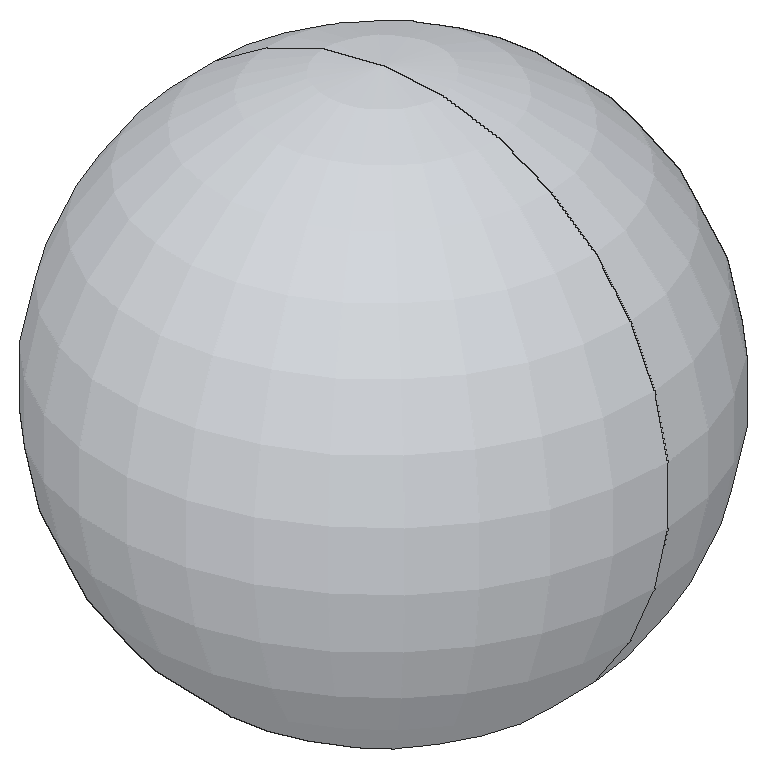
Revit family "Ge_1 point_R22_content", category Specialty Equipment, Revit 2025
Family settings
  Round Connector Dimension = Use Diameter
  Part Type = Normal
  Enable Cutting in Views = Yes
  Always vertical = No
  Cut with Voids When Loaded = No
  Maintain Annotation Orientation = No
  Shared = No
  Room Calculation Point = No
Parameters (values of type "1 point_other")
  Visible spheer = yes
  Visible = yes
  Type Comments = "KW"
  R spheer = 10 mm
  H [instance] = 0 mm
  Default Elevation = 0 mm
  Circle visible = yes
  Cal_H [instance] = 5000 mm + H  # 5000 mm
Reference planes
  plane 1 "Center (Front/Back)": y = 0
  plane 2 "Center (Left/Right)": x = 0
  plane 3 "H": z = 0
  plane 4: z = -5000
Lines and regions (mm)
  model lines
    curve 1: circle (0, 0, 0) r 10 normal (0, 0, -1)
Dimensions and locks
  "Cal_H": plane 4 to plane 3 "H"
  locked: plane 4 to level at 5000
  aligned and locked: plane 3 "H" to reference point
  aligned and locked: plane 2 "Center (Left/Right)" to reference point
  aligned and locked: plane 1 "Center (Front/Back)" to reference point
  aligned and locked: plane 2 "Center (Left/Right)" to nested 1
  aligned and locked: nested 1 to plane 1 "Center (Front/Back)"
Automatic sketch dimensions
  curve 1 to plane 1 "Center (Front/Back)" = 0 mm
  curve 1 to plane 2 "Center (Left/Right)" = 0 mm
  radius of curve 1 = 10 mm
Nested families
  nested 1: "spheer" at (0, 0, 0), visible <- "Visible spheer", type "spheer"
    with R 10 mm
Definition of nested family "spheer"
  Parameters
    R = 60 mm
    Default Elevation = 1219.2 mm
  Reference planes
    plane 1 "Center (Front/Back)": y = 0
    plane 2: z = 0
    plane 3 "Center (Left/Right)": x = 0
    plane 4: z = 60
    plane 5: z = -60
  Forms (mm)
    Revolve 1, solid
      sketch origin (0, 0, 0) x (1, 0, 0) y (0, 0, 1)
        loop
          arc (0, -60) -> (60, 0) -> (0, 60) r 60
          line (0, 60) -> (0, -60)
        axis (0, -60) -> (0, 60)
      angle from 0 to 360
  Dimensions and locks
    equal spacing: plane 4, level, plane 5
    "R": plane 4 to level
    "R": radius of Revolve 1 sketch curve
    aligned and locked: level to plane 2
  Automatic sketch dimensions
    Revolve 1 sketch curve to plane 3 "Center (Left/Right)" = 0 mm  (x2)
    Revolve 1 sketch curve to level = 0 mm
    Revolve 1 sketch curve to plane 5 = 0 mm
    plane 4 to Revolve 1 sketch curve = 205 mm
